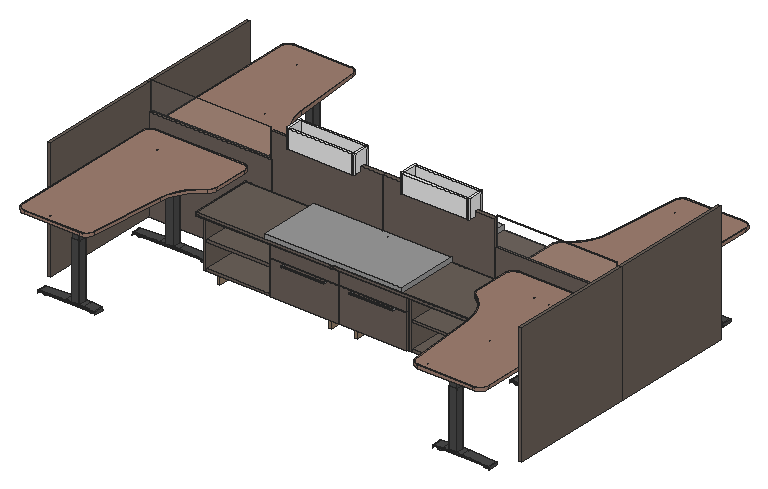
Revit family "OFS TYPICAL T200055", category Furniture, Revit 2022 (continued)
Definition of nested family "STAKS SPINE OR DIVIDER WALL 33in"
  Types (19): name | Model | Description | Width
    STAKS SPINE OR DIVIDER WALL 33in X 24in | "6-PAN-33/24" | "OFS STAKS SPINE OR DIVIDER WALL 33\" Height x 24\" Width, Levelers allow 2.5\" Height Adjustability for Uneven\r\nFloor" | 2' - 0"
    STAKS SPINE OR DIVIDER WALL 33in X 33in | "6-PAN-33/33" | "OFS STAKS SPINE OR DIVIDER WALL 33\" Height x 33\" Width, Levelers allow 2.5\" Height Adjustability for Uneven\r\nFloor" | 2' - 9"
    STAKS SPINE OR DIVIDER WALL 33in X 26in | "6-PAN-33/26" | "OFS STAKS SPINE OR DIVIDER WALL 33\" Height x 26\" Width, Levelers allow 2.5\" Height Adjustability for Uneven\r\nFloor" | 2' - 2"
    STAKS SPINE OR DIVIDER WALL 33in X 30in | "6-PAN-33/30" | "OFS STAKS SPINE OR DIVIDER WALL 33\" Height x 30\" Width, Levelers allow 2.5\" Height Adjustability for Uneven\r\nFloor" | 2' - 6"
    STAKS SPINE OR DIVIDER WALL 33in X 36in | "6-PAN-33/36" | "OFS STAKS SPINE OR DIVIDER WALL 33\" Height x 36\" Width, Levelers allow 2.5\" Height Adjustability for Uneven\r\nFloor" | 3' - 0"
    STAKS SPINE OR DIVIDER WALL 33in X 37in | "6-PAN-33/37" | "OFS STAKS SPINE OR DIVIDER WALL 33\" Height x 37\" Width, Levelers allow 2.5\" Height Adjustability for Uneven\r\nFloor" | 3' - 1"
    STAKS SPINE OR DIVIDER WALL 33in X 39in | "6-PAN-33/39" | "OFS STAKS SPINE OR DIVIDER WALL 33\" Height x 39\" Width, Levelers allow 2.5\" Height Adjustability for Uneven\r\nFloor" | 3' - 3"
    STAKS SPINE OR DIVIDER WALL 33in X 40in | "6-PAN-33/40" | "OFS STAKS SPINE OR DIVIDER WALL 33\" Height x 40\" Width, Levelers allow 2.5\" Height Adjustability for Uneven\r\nFloor" | 3' - 4"
    STAKS SPINE OR DIVIDER WALL 33in X 42in | "6-PAN-33/42" | "OFS STAKS SPINE OR DIVIDER WALL 33\" Height x 42\" Width, Levelers allow 2.5\" Height Adjustability for Uneven\r\nFloor" | 3' - 6"
    STAKS SPINE OR DIVIDER WALL 33in X 44in | "6-PAN-33/44" | "OFS STAKS SPINE OR DIVIDER WALL 33\" Height x 44\" Width, Levelers allow 2.5\" Height Adjustability for Uneven\r\nFloor" | 3' - 8"
    STAKS SPINE OR DIVIDER WALL 33in X 45in | "6-PAN-33/45" | "OFS STAKS SPINE OR DIVIDER WALL 33\" Height x 45\" Width, Levelers allow 2.5\" Height Adjustability for Uneven\r\nFloor" | 3' - 9"
    STAKS SPINE OR DIVIDER WALL 33in X 47in | "6-PAN-33/47" | "OFS STAKS SPINE OR DIVIDER WALL 33\" Height x 47\" Width, Levelers allow 2.5\" Height Adjustability for Uneven\r\nFloor" | 3' - 11"
    STAKS SPINE OR DIVIDER WALL 33in X 48in | "6-PAN-33/48" | "OFS STAKS SPINE OR DIVIDER WALL 33\" Height x 48\" Width, Levelers allow 2.5\" Height Adjustability for Uneven\r\nFloor" | 4' - 0"
    STAKS SPINE OR DIVIDER WALL 33in X 49in | "6-PAN-33/49" | "OFS STAKS SPINE OR DIVIDER WALL 33\" Height x 49\" Width, Levelers allow 2.5\" Height Adjustability for Uneven\r\nFloor" | 4' - 1"
    STAKS SPINE OR DIVIDER WALL 33in X 52in | "6-PAN-33/52" | "OFS STAKS SPINE OR DIVIDER WALL 33\" Height x 52\" Width, Levelers allow 2.5\" Height Adjustability for Uneven\r\nFloor" | 4' - 4"
    STAKS SPINE OR DIVIDER WALL 33in X 54in | "6-PAN-33/54" | "OFS STAKS SPINE OR DIVIDER WALL 33\" Height x 54\" Width, Levelers allow 2.5\" Height Adjustability for Uneven\r\nFloor" | 4' - 6"
    STAKS SPINE OR DIVIDER WALL 33in X 56in | "6-PAN-33/56" | "OFS STAKS SPINE OR DIVIDER WALL 33\" Height x 56\" Width, Levelers allow 2.5\" Height Adjustability for Uneven\r\nFloor" | 4' - 8"
    STAKS SPINE OR DIVIDER WALL 33in X 58in | "6-PAN-33/58" | "OFS STAKS SPINE OR DIVIDER WALL 33\" Height x 58\" Width, Levelers allow 2.5\" Height Adjustability for Uneven\r\nFloor" | 4' - 10"
    STAKS SPINE OR DIVIDER WALL 33in X 59in | "6-PAN-33/59" | "OFS STAKS SPINE OR DIVIDER WALL 33\" Height x 59\" Width, Levelers allow 2.5\" Height Adjustability for Uneven\r\nFloor" | 4' - 11"
  Reference planes (in)
    plane 1: z = -0.125
    plane 2 "LEFT": x = 7.55498
    plane 3 "RIGHT": x = 31.55498
    plane 4 "BACK": y = -1.83365
    plane 5 "FRONT": y = -2.83365
    plane 6: x = 7.67998
    plane 7: x = 31.42998
    plane 8: y = -1.95865
    plane 9: y = -2.70865
    plane 10: z = -0.125
    plane 11 "SURFACE TOP": z = 32.875
  Forms (in)
    Extrusion 1, solid
      sketch origin (0, 0, 17.125) x (-1, 0, 0) y (0, -1, 0)
        loop
          line (-7.55498, 1.83365) -> (-7.55498, 2.83365) -> (-31.55498, 2.83365) -> (-31.55498, 1.83365) -> (-7.55498, 1.83365)
      from 15.75 to -17.25
  Lines and regions (in)
    symbolic lines
      curve 1: line (7.55498, -1.83365, 32.875) -> (31.55498, -1.83365, 32.875)
      curve 2: line (7.55498, -2.83365, 32.875) -> (7.55498, -1.83365, 32.875)
      curve 3: line (31.55498, -2.83365, 32.875) -> (7.55498, -2.83365, 32.875)
      curve 4: line (31.55498, -1.83365, 32.875) -> (31.55498, -2.83365, 32.875)
  Dimensions and locks (in)
    "Depth": plane 4 "BACK" to plane 5 "FRONT"
    "Width": plane 2 "LEFT" to plane 3 "RIGHT"
    "Height": plane 11 "SURFACE TOP" to plane 10
    locked: plane 4 "BACK" to plane 8 at 0.125
    locked: plane 2 "LEFT" to plane 6 at 0.125
    locked: plane 7 to plane 3 "RIGHT" at 0.125
    locked: plane 9 to plane 5 "FRONT" at 0.125
    "Height Above Floor": plane 11 "SURFACE TOP" to level
    aligned: level to plane 1
    aligned and locked: plane 11 "SURFACE TOP" to Extrusion 1
    aligned and locked: Extrusion 1 to plane 10
    aligned and locked: plane 4 "BACK" to Extrusion 1 sketch curve
    aligned and locked: Extrusion 1 sketch curve to plane 2 "LEFT"
    aligned and locked: Extrusion 1 sketch curve to plane 5 "FRONT"
    aligned and locked: plane 3 "RIGHT" to Extrusion 1 sketch curve
    aligned and locked: curve 1 to Extrusion 1
    aligned and locked: curve 2 to Extrusion 1
    aligned and locked: curve 3 to Extrusion 1
    aligned and locked: curve 4 to Extrusion 1
Definition of nested family "STAKS CORNER SHELF FOR WALL PANEL"
  Parameters (values of type "STAKS CORNER SHELF FOR WALL PANEL")
    Width = 1' - 9"
    Veneer Material = none
    URL = "http://www.ofs.com/"
    Height Above Floor [instance] = 2' - 5"
    Height = 0' - 0 3/4"
    Edge Material = none
    Model = "6-2108SHLF"
    Manufacturer = "OFS"
    Description = "OFS STAKS CORNER SHELF FOR WALL PANEL"
    Depth = 0' - 8"
    Default Elevation = 0' - 0"
    Copyright © = "© 2018 OFS"
    Catalog = "https://ofs.com/products/casegoods/private-office/staks"
    Authoring Version = "Autodesk Revit Architecture 2013"
    Assembly Code = "E2020200"
    3D Laminate Material = none
  Reference planes (in)
    plane 1 "Center (Front/Back)": y = 0
    plane 2: z = 0
    plane 3 "Center (Left/Right)": x = 0
    plane 4: x = 10.5
    plane 5: x = -10.5
    plane 6: y = 4
    plane 7: y = -4
    plane 8: z = 28.25
    plane 9: z = 29
  Forms (in)
    Extrusion 1, solid, material <- "3D Laminate Material"
      sketch origin (3.56329, 81.33771, 7) x (-1, 0, 0) y (0, -1, 0)
        loop
          line (14.06329, 85.33771) -> (-6.93671, 85.33771) -> (1.06329, 77.33771) -> (6.06329, 77.33771) -> (14.06329, 85.33771)
      from 22 to 21.25
  Dimensions and locks (in)
    equal spacing: plane 5, plane 3 "Center (Left/Right)", plane 4
    "Width": plane 5 to plane 4
    "Depth": plane 6 to plane 7
    equal spacing: plane 7, plane 1 "Center (Front/Back)", plane 6
    "Height": plane 9 to plane 8
    "Height Above Floor": plane 9 to level
    aligned and locked: level to plane 2
    aligned and locked: plane 9 to Extrusion 1
    aligned and locked: Extrusion 1 to plane 8
    aligned and locked: plane 4 to Extrusion 1 sketch curve
    aligned and locked: Extrusion 1 sketch curve to plane 6
  Automatic sketch dimensions
    plane 7 to Extrusion 1 sketch curve = 0' - 0"
    plane 3 "Center (Left/Right)" to Extrusion 1 sketch curve = 0' - 2 1/2"
    Extrusion 1 sketch curve to plane 3 "Center (Left/Right)" = 0' - 2 1/2"
    Extrusion 1 sketch curve to plane 5 = 0' - 0"
